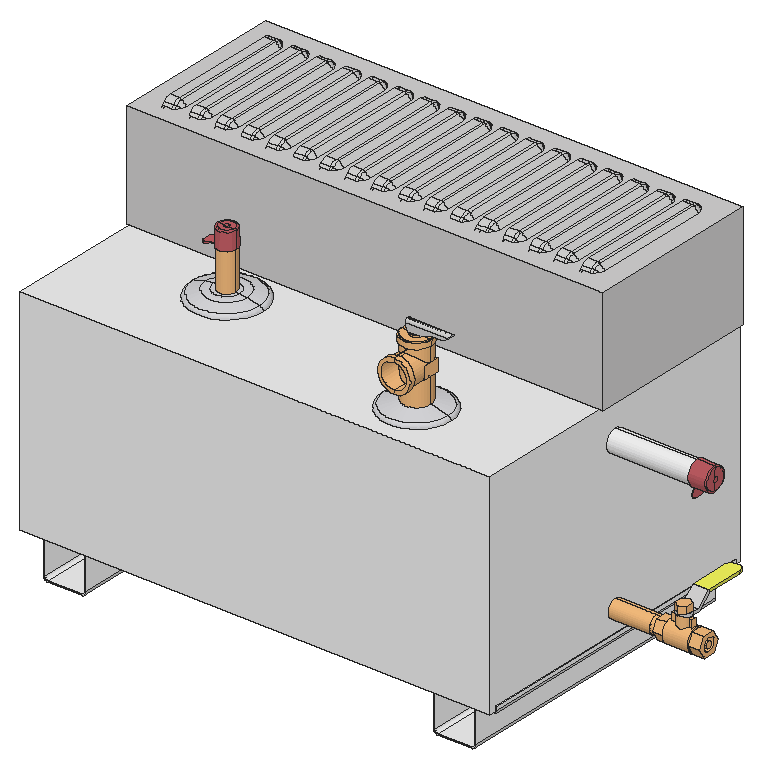
Revit family "Shower-Steam_Generator-KOHLER-Invigoration_Series-K-32334", category Plumbing Fixtures, host Face, Revit 2021
Family settings
  Host = Face
  Round Connector Dimension = Use Diameter
  Part Type = Normal
  OmniClass Number = 23.21.29.19.19
  OmniClass Title = Steam Room Equipment
  Cut with Voids When Loaded = No
  Shared = No
  Room Calculation Point = No
Parameters (values of type "NA-Stainless")
  Width = 21.85685"  # constant formula
  WaterSense Certified = 1 = 0  # no
  Waste Water Outlet = "Waste Water Outlet"  # constant formula
  Waste Connection = 1 = 1  # yes
  Voltage = 0 V
  Vent Connection = 1 = 1  # yes
  URL = "https://www.us.kohler.com/us/"
  Type = 1
  Steam Outlet = "Steam Outlet"  # constant formula
  Steam Connection = 1 = 1  # yes
  Product Page URL = "http://www.us.kohler.com/us/catalog/productDetails.jsp?productNumber=32334"
  Product Name = "Invigoration Series"  # constant formula
  Product Documentation Link = "https://www.us.kohler.com/webassets/kpna/catalog/pdf/en/K-32334_spec_US-CA_Kohler_en.pdf"
  Pressure Relief = "Pressure Relief"  # constant formula
  Pressure = 0.00 psi
  Model = "K-32334-NA"  # constant formula
  Material = "Premium Metal Construction"  # constant formula
  Master Format 2014 Name = "Residential Faucets, Supplies, and Trim"  # constant formula
  Master Format 2014 = "22 41 39"  # constant formula
  Manufacturer Address = "444 Highland Dr, Kohler, WI 53044"  # constant formula
  Manufacturer = "Kohler Co."  # constant formula
  Length = 11.73622"  # constant formula
  Hot Water Inlet = "Hot Water Inlet"  # constant formula
  Height = 13.73508"  # constant formula
  Handle Clearance 2 = 1.34409"  # constant formula
  Handle Clearance 1 = 2.54787"  # constant formula
  HW Connection = 1 = 1  # yes
  Flow Rate = 0 GPM
  Finish = Kohler-Metal-NA-Anodized_Aluminum
  Environmental Product Declaration = ""
  Electrical Note = "One Dedicated Circuit Required"  # constant formula
  Electrical Connector = 1 = 1  # yes
  Drain Included = 1 = 1  # yes
  Description = "26 KW Steam Generator"  # constant formula
  Default Elevation = 0"
  Declare Label = ""
  Date Modified = "04/30/2024"  # constant formula
  Date Created = "04/30/2024"  # constant formula
  Copyright = "Copyright Kohler Co."  # constant formula
  Contact Us = "https://www.us.kohler.com/us/static/contact.jsp"
  Cold Water Inlet = "Cold Water Inlet"  # constant formula
  CW Connection = 1 = 1  # yes
  Assembly Code = "D2010"
  Apparent Load = 26000 VA  # constant formula
  ADA Compliant = 1 = 0  # no
Reference planes (in)
  plane 1 "Center (Front/Back)": y = 0
  plane 2: z = 0
  plane 3 "Center (Left/Right)": x = 0
  plane 4: y = 5.86811
  plane 5: x = -9.04331
  plane 6: x = -9.22301
  plane 7: x = 12.63384
  plane 8: y = -3.99879
  plane 9: y = -2.30118
  plane 10: z = 13.73508
  plane 11: z = 1.53543
  plane 12: z = 2.55906
  plane 13: z = 8.22441
  plane 14: z = 11.10236
  plane 15: x = 4.59843
  plane 16: y = -0.70669
  plane 17: y = -5.86811
  plane 18: x = -4.07087
  plane 19: x = 8.9685
  plane 20: x = -8.9685
  plane 21: z = 9.56693
  plane 22: z = 11.98538
  plane 23: x = 8.86614
  plane 24: z = 13.53937
  plane 25: y = 5.62992
  plane 26: y = -5.63976
  plane 27: y = 2.53801
  plane 28: x = 5.94252
  plane 29: y = -0.00986
  plane 30: x = -3.91208
  plane 31: y = -5.06881
  plane 32: x = 12.39272
  plane 33: z = 6.91806
  plane 34: y = 1.4764
Dimensions and locks (in)
  plane 4 to plane 1 "Center (Front/Back)" = 5.86811"
  "Length": plane 4 to plane 17
  plane 9 to plane 17 = 3.56693"
  nested 1 to plane 18 = 4.89764"
  plane 15 to plane 19 = 4.37008"
  plane 8 to plane 17 = 1.86932"
  plane 20 to plane 19 = 17.93701"
  nested 1 to nested 1 = 2.41845"
  nested 1 to plane 7 = 3.7677"
  plane 13 to host face = 8.22441"
  plane 11 to host face = 1.53543"
  nested 1 to host face = 13.53937"
  plane 21 to plane 14 = 1.53543"
  plane 4 to plane 16 = 6.5748"
  host face to plane 24 = 13.53937"
  host face to plane 12 = 2.55906"
  plane 21 to host face = 9.56693"
  "Handle Clearance 1": plane 27 to plane 29
  "Handle Clearance 2": plane 15 to plane 28
  "Width": plane 6 to plane 7
  "Height": plane 10 to level
  aligned and locked: plane 2 to host face
  aligned and locked: level to host face
Automatic sketch dimensions
  host sketch curve to host sketch curve = 96"  (x2)
Nested families (in)
  nested 1: "K-32334" at (0, 0, 0), type "K-32334"
Connectors (in)
  piping at (12.63386, 0, 8.22441), diameter 0.5, driven by "Steam Connection", driven by "Steam Outlet"
    settings: on nested 1, index 1, connector inside diameter 24", connector length 0", flow factor 0, pipe flow 0 GPM, pressure drop 0.00 psi, fitting loss kfactor 0, connector angle 0.00°, fixture units 0, engagement length 0", angle of deflection 0.00°, flow configuration 0, flow direction 2, fitting loss method 0, system type 22, joint type 0, gender type 0, connector reference index -1, connector utility 1, adjustable connector no, is connector primary yes, connector description "Steam Outlet"
  piping at (-3.91208, -2.30118, 11.98538), diameter 0.375, driven by "CW Connection", driven by "Cold Water Inlet"
    settings: on nested 1, index 2, connector inside diameter 24", connector length 0", flow factor 0, pipe flow 0 GPM, pressure drop 0.00 psi, fitting loss kfactor 0, connector angle 0.00°, fixture units 0, engagement length 0", angle of deflection 0.00°, flow configuration 0, flow direction 1, fitting loss method 0, system type 22, joint type 0, gender type 0, connector reference index -1, connector utility 1, adjustable connector no, is connector primary no, connector description "Cold Water Inlet"
  piping at (4.59843, -5.06871, 11.10236), diameter 0.375, driven by "Vent Connection", driven by "Pressure Relief"
    settings: on nested 1, index 3, connector inside diameter 24", connector length 0", flow factor 0, pipe flow 0 GPM, pressure drop 0.00 psi, fitting loss kfactor 0, connector angle 0.00°, fixture units 0, engagement length 0", angle of deflection 0.00°, flow configuration 0, flow direction 2, fitting loss method 0, system type 17, joint type 0, gender type 0, connector reference index -1, connector utility 1, adjustable connector no, is connector primary no, connector description "Pressure Relief"
  electrical at (-8.84787, 1.4764, 6.91806), driven by "Apparent Load", driven by "Electrical Connector", driven by "Electrical Note"
    settings: on nested 1, index 5, voltage 0 V, apparent load 26000 VA, apparent load phase1 0 VA, apparent load phase2 0 VA, apparent load phase3 0 VA, power factor 1, load classification "Power", number of poles 1, system type 30, power factor state 1, is connector primary yes, connector utility yes, sub classification motor no, connector description "One Dedicated Circuit Required"
  piping at (12.39272, -0.00984, 2.55906), diameter 0.375, driven by "Waste Connection", driven by "Waste Water Outlet"
    settings: on nested 1, index 6, connector inside diameter 24", connector length 0", flow factor 0, pipe flow 0 GPM, pressure drop 0.00 psi, fitting loss kfactor 0, connector angle 0.00°, fixture units 0, engagement length 0", angle of deflection 0.00°, flow configuration 0, flow direction 2, fitting loss method 0, system type 16, joint type 0, gender type 0, connector reference index -1, connector utility 1, adjustable connector no, is connector primary no, connector description "Waste Water Outlet"
Definition of nested family "K-32334"
  Parameters
    Material = none
    Default Elevation = 0"
  Reference planes (in)
    plane 1 "Center (Front/Back)": y = 0
    plane 2: z = 0
    plane 3 "Center (Left/Right)": x = 0
    plane 4: x = 8.9685
    plane 5: x = -8.9685
    plane 6: x = 12.63386
    plane 7: x = 8.86614
    plane 8: z = 13.53937
    plane 9: z = 1.53543
    plane 10: z = 8.22441
    plane 11: x = 12.39272
    plane 12: z = 9.56693
    plane 13: z = 2.55906
    plane 14: z = 11.10236
    plane 15: y = 5.86811
    plane 16: y = -5.86811
    plane 17: y = -0.00984
    plane 18: x = -4.07087
    plane 19 "FF": x = 4.59843
    plane 20 "revv": y = -2.30118
    plane 21: y = -0.70669
    plane 22 "ff": y = -3.99879
    plane 23: z = 6.91806
    plane 24: y = 1.4764
    plane 25: y = 0.82679
    plane 26: y = 0.13782
    plane 27 "scrr": y = 5.67129
    plane 28: x = -9.04331
    plane 29: x = -9.22301
    plane 30: z = 13.73509
    plane 31: x = -3.91208
    plane 32: z = 11.98538
    plane 33: y = -5.63976
    plane 34: y = 5.62992
    plane 35: y = 2.53801
    plane 36: x = 5.9425
  Forms (in)
    Extrusion 1, solid, material <- "Material"
      sketch origin (0, 0, 0) x (1, 0, 0) y (0, 0, 1)
        loop
          line (-8.12992, 1.37672) -> (-8.12992, 0.15625)
          arc (-8.12992, 0.15625) -> (-8.0838, 0.04489) -> (-7.97244, -0.00123) r 0.15748
          line (-7.97244, -0.00123) -> (-6.70472, -0.00123)
          arc (-6.70472, -0.00123) -> (-6.59337, 0.04489) -> (-6.54724, 0.15625) r 0.15748
          line (-6.54724, 0.15625) -> (-6.54724, 1.37672)
          arc (-6.54724, 1.37672) -> (-6.51265, 1.46024) -> (-6.42913, 1.49483) r 0.11811
          line (-6.42913, 1.49483) -> (-6.0748, 1.49483) -> (-6.0748, 1.5342) -> (-6.42913, 1.5342)
          arc (-6.42913, 1.5342) -> (-6.54049, 1.48808) -> (-6.58661, 1.37672) r 0.15748
          line (-6.58661, 1.37672) -> (-6.58661, 0.15625)
          arc (-6.58661, 0.15625) -> (-6.62121, 0.07273) -> (-6.70472, 0.03814) r 0.11811
          line (-6.70472, 0.03814) -> (-7.97244, 0.03814)
          arc (-7.97244, 0.03814) -> (-8.05596, 0.07273) -> (-8.09055, 0.15625) r 0.11811
          line (-8.09055, 0.15625) -> (-8.09055, 1.37672)
          arc (-8.09055, 1.37672) -> (-8.13668, 1.48808) -> (-8.24803, 1.5342) r 0.15748
          line (-8.24803, 1.5342) -> (-8.84252, 1.5342)
          arc (-8.84252, 1.5342) -> (-8.87036, 1.54573) -> (-8.88189, 1.57357) r 0.03937
          line (-8.88189, 1.57357) -> (-8.88189, 1.73105) -> (-8.92126, 1.73105) -> (-8.92126, 1.57357)
          arc (-8.92126, 1.57357) -> (-8.8982, 1.5179) -> (-8.84252, 1.49483) r 0.07874
          line (-8.84252, 1.49483) -> (-8.24803, 1.49483)
          arc (-8.24803, 1.49483) -> (-8.16451, 1.46024) -> (-8.12992, 1.37672) r 0.11811
        loop
          line (6.58661, 0.15625) -> (6.58661, 1.37672)
          arc (6.58661, 1.37672) -> (6.54049, 1.48808) -> (6.42913, 1.5342) r 0.15748
          line (6.42913, 1.5342) -> (6.0748, 1.5342) -> (6.0748, 1.49483) -> (6.42913, 1.49483)
          arc (6.42913, 1.49483) -> (6.51265, 1.46024) -> (6.54724, 1.37672) r 0.11811
          line (6.54724, 1.37672) -> (6.54724, 0.15625)
          arc (6.54724, 0.15625) -> (6.59337, 0.04489) -> (6.70472, -0.00123) r 0.15748
          line (6.70472, -0.00123) -> (7.97244, -0.00123)
          arc (7.97244, -0.00123) -> (8.0838, 0.04489) -> (8.12992, 0.15625) r 0.15748
          line (8.12992, 0.15625) -> (8.12992, 1.37672)
          arc (8.12992, 1.37672) -> (8.16451, 1.46024) -> (8.24803, 1.49483) r 0.11811
          line (8.24803, 1.49483) -> (8.84252, 1.49483)
          arc (8.84252, 1.49483) -> (8.8982, 1.5179) -> (8.92126, 1.57357) r 0.07874
          line (8.92126, 1.57357) -> (8.92126, 1.73105) -> (8.88189, 1.73105) -> (8.88189, 1.57357)
          arc (8.88189, 1.57357) -> (8.87036, 1.54573) -> (8.84252, 1.5342) r 0.03937
          line (8.84252, 1.5342) -> (8.24803, 1.5342)
          arc (8.24803, 1.5342) -> (8.13668, 1.48808) -> (8.09055, 1.37672) r 0.15748
          line (8.09055, 1.37672) -> (8.09055, 0.15625)
          arc (8.09055, 0.15625) -> (8.05596, 0.07273) -> (7.97244, 0.03814) r 0.11811
          line (7.97244, 0.03814) -> (6.70472, 0.03814)
          arc (6.70472, 0.03814) -> (6.62121, 0.07273) -> (6.58661, 0.15625) r 0.11811
      from -5.6201 to 5.63974
    Extrusion 2, solid, material <- "Material", detail levels medium+fine
      sketch origin (0, 0, 0) x (1, 0, 0) y (0, 1, 0)
        loop
          line (-8.84787, -5.86811) -> (8.84399, -5.86811) -> (8.84399, 5.86811) -> (-8.84787, 5.86811) -> (-8.84787, -5.86811)
      from 1.5342 to 9.5657
    Extrusion 3, solid, detail levels medium+fine
      sketch origin (0, 0, 0) x (1, 0, 0) y (0, 1, 0)
        loop
          line (8.9685, -0.70667) -> (8.9685, 5.86813) -> (-8.9685, 5.86813) -> (-8.9685, -0.70667) -> (8.9685, -0.70667)
      from 9.5657 to 13.53814
    Sweep 4, solid, detail levels medium+fine
      path origin (0, 0, 0) x (0, 1, 0) y (0, 0, 1)
        loop
          line (5.18847, 13.50127) -> (5.07006, 13.61968)
          arc (5.07006, 13.61968) -> (4.94233, 13.70502) -> (4.79167, 13.73499) r 0.3937
          line (4.79167, 13.73499) -> (0.36979, 13.73499)
          arc (0.36979, 13.73499) -> (0.21913, 13.70502) -> (0.0914, 13.61968) r 0.3937
          line (0.0914, 13.61968) -> (-0.04723, 13.48104)
      profile origin (0, 2.58073, 13.73499) x (0, 0, -1) y (1, 0, 0)
        loop
          line (0, 0.04163) -> (0, -0.30315) -> (0.03459, -0.30315) -> (0.03459, 0.0068)
          arc (0.03459, 0.0068) -> (0.04477, 0.05794) -> (0.07373, 0.10129) r 0.13363
          line (0.07373, 0.10129) -> (0.21223, 0.23979) -> (0.21223, 0.30278) -> (0.03459, 0.12514)
          arc (0.03459, 0.12514) -> (0.00899, 0.08683) -> (0, 0.04163) r 0.11811
    Sweep 5, solid, detail levels medium+fine
      path origin (0.98425, 0, 0) x (0, 1, 0) y (0, 0, 1)
        loop
          line (5.18847, 13.50127) -> (5.07006, 13.61968)
          arc (5.07006, 13.61968) -> (4.94233, 13.70502) -> (4.79167, 13.73499) r 0.3937
          line (4.79167, 13.73499) -> (0.36979, 13.73499)
          arc (0.36979, 13.73499) -> (0.21913, 13.70502) -> (0.0914, 13.61968) r 0.3937
          line (0.0914, 13.61968) -> (-0.04723, 13.48104)
      profile origin (0.98425, 2.58073, 13.73499) x (0, 0, -1) y (1, 0, 0)
        loop
          line (0, 0.04163) -> (0, -0.30315) -> (0.03459, -0.30315) -> (0.03459, 0.0068)
          arc (0.03459, 0.0068) -> (0.04477, 0.05794) -> (0.07373, 0.10129) r 0.13363
          line (0.07373, 0.10129) -> (0.21223, 0.23979) -> (0.21223, 0.30278) -> (0.03459, 0.12514)
          arc (0.03459, 0.12514) -> (0.00899, 0.08683) -> (0, 0.04163) r 0.11811
    Sweep 6, solid, detail levels medium+fine
      path origin (1.9685, 0, 0) x (0, 1, 0) y (0, 0, 1)
        loop
          line (5.18847, 13.50127) -> (5.07006, 13.61968)
          arc (5.07006, 13.61968) -> (4.94233, 13.70502) -> (4.79167, 13.73499) r 0.3937
          line (4.79167, 13.73499) -> (0.36979, 13.73499)
          arc (0.36979, 13.73499) -> (0.21913, 13.70502) -> (0.0914, 13.61968) r 0.3937
          line (0.0914, 13.61968) -> (-0.04723, 13.48104)
      profile origin (1.9685, 2.58073, 13.73499) x (0, 0, -1) y (1, 0, 0)
        loop
          line (0, 0.04163) -> (0, -0.30315) -> (0.03459, -0.30315) -> (0.03459, 0.0068)
          arc (0.03459, 0.0068) -> (0.04477, 0.05794) -> (0.07373, 0.10129) r 0.13363
          line (0.07373, 0.10129) -> (0.21223, 0.23979) -> (0.21223, 0.30278) -> (0.03459, 0.12514)
          arc (0.03459, 0.12514) -> (0.00899, 0.08683) -> (0, 0.04163) r 0.11811
    Sweep 7, solid, detail levels medium+fine
      path origin (2.95276, 0, 0) x (0, 1, 0) y (0, 0, 1)
        loop
          line (5.18847, 13.50127) -> (5.07006, 13.61968)
          arc (5.07006, 13.61968) -> (4.94233, 13.70502) -> (4.79167, 13.73499) r 0.3937
          line (4.79167, 13.73499) -> (0.36979, 13.73499)
          arc (0.36979, 13.73499) -> (0.21913, 13.70502) -> (0.0914, 13.61968) r 0.3937
          line (0.0914, 13.61968) -> (-0.04723, 13.48104)
      profile origin (2.95276, 2.58073, 13.73499) x (0, 0, -1) y (1, 0, 0)
        loop
          line (0, 0.04163) -> (0, -0.30315) -> (0.03459, -0.30315) -> (0.03459, 0.0068)
          arc (0.03459, 0.0068) -> (0.04477, 0.05794) -> (0.07373, 0.10129) r 0.13363
          line (0.07373, 0.10129) -> (0.21223, 0.23979) -> (0.21223, 0.30278) -> (0.03459, 0.12514)
          arc (0.03459, 0.12514) -> (0.00899, 0.08683) -> (0, 0.04163) r 0.11811
    Sweep 8, solid, detail levels medium+fine
      path origin (3.93701, 0, 0) x (0, 1, 0) y (0, 0, 1)
        loop
          line (5.18847, 13.50127) -> (5.07006, 13.61968)
          arc (5.07006, 13.61968) -> (4.94233, 13.70502) -> (4.79167, 13.73499) r 0.3937
          line (4.79167, 13.73499) -> (0.36979, 13.73499)
          arc (0.36979, 13.73499) -> (0.21913, 13.70502) -> (0.0914, 13.61968) r 0.3937
          line (0.0914, 13.61968) -> (-0.04723, 13.48104)
      profile origin (3.93701, 2.58073, 13.73499) x (0, 0, -1) y (1, 0, 0)
        loop
          line (0, 0.04163) -> (0, -0.30315) -> (0.03459, -0.30315) -> (0.03459, 0.0068)
          arc (0.03459, 0.0068) -> (0.04477, 0.05794) -> (0.07373, 0.10129) r 0.13363
          line (0.07373, 0.10129) -> (0.21223, 0.23979) -> (0.21223, 0.30278) -> (0.03459, 0.12514)
          arc (0.03459, 0.12514) -> (0.00899, 0.08683) -> (0, 0.04163) r 0.11811
    Sweep 9, solid, detail levels medium+fine
      path origin (4.92126, 0, 0) x (0, 1, 0) y (0, 0, 1)
        loop
          line (5.18847, 13.50127) -> (5.07006, 13.61968)
          arc (5.07006, 13.61968) -> (4.94233, 13.70502) -> (4.79167, 13.73499) r 0.3937
          line (4.79167, 13.73499) -> (0.36979, 13.73499)
          arc (0.36979, 13.73499) -> (0.21913, 13.70502) -> (0.0914, 13.61968) r 0.3937
          line (0.0914, 13.61968) -> (-0.04723, 13.48104)
      profile origin (4.92126, 2.58073, 13.73499) x (0, 0, -1) y (1, 0, 0)
        loop
          line (0, 0.04163) -> (0, -0.30315) -> (0.03459, -0.30315) -> (0.03459, 0.0068)
          arc (0.03459, 0.0068) -> (0.04477, 0.05794) -> (0.07373, 0.10129) r 0.13363
          line (0.07373, 0.10129) -> (0.21223, 0.23979) -> (0.21223, 0.30278) -> (0.03459, 0.12514)
          arc (0.03459, 0.12514) -> (0.00899, 0.08683) -> (0, 0.04163) r 0.11811
    Sweep 10, solid, detail levels medium+fine
      path origin (5.90551, 0, 0) x (0, 1, 0) y (0, 0, 1)
        loop
          line (5.18847, 13.50127) -> (5.07006, 13.61968)
          arc (5.07006, 13.61968) -> (4.94233, 13.70502) -> (4.79167, 13.73499) r 0.3937
          line (4.79167, 13.73499) -> (0.36979, 13.73499)
          arc (0.36979, 13.73499) -> (0.21913, 13.70502) -> (0.0914, 13.61968) r 0.3937
          line (0.0914, 13.61968) -> (-0.04723, 13.48104)
      profile origin (5.90551, 2.58073, 13.73499) x (0, 0, -1) y (1, 0, 0)
        loop
          line (0, 0.04163) -> (0, -0.30315) -> (0.03459, -0.30315) -> (0.03459, 0.0068)
          arc (0.03459, 0.0068) -> (0.04477, 0.05794) -> (0.07373, 0.10129) r 0.13363
          line (0.07373, 0.10129) -> (0.21223, 0.23979) -> (0.21223, 0.30278) -> (0.03459, 0.12514)
          arc (0.03459, 0.12514) -> (0.00899, 0.08683) -> (0, 0.04163) r 0.11811
    Sweep 11, solid, detail levels medium+fine
      path origin (6.88976, 0, 0) x (0, 1, 0) y (0, 0, 1)
        loop
          line (5.18847, 13.50127) -> (5.07006, 13.61968)
          arc (5.07006, 13.61968) -> (4.94233, 13.70502) -> (4.79167, 13.73499) r 0.3937
          line (4.79167, 13.73499) -> (0.36979, 13.73499)
          arc (0.36979, 13.73499) -> (0.21913, 13.70502) -> (0.0914, 13.61968) r 0.3937
          line (0.0914, 13.61968) -> (-0.04723, 13.48104)
      profile origin (6.88976, 2.58073, 13.73499) x (0, 0, -1) y (1, 0, 0)
        loop
          line (0, 0.04163) -> (0, -0.30315) -> (0.03459, -0.30315) -> (0.03459, 0.0068)
          arc (0.03459, 0.0068) -> (0.04477, 0.05794) -> (0.07373, 0.10129) r 0.13363
          line (0.07373, 0.10129) -> (0.21223, 0.23979) -> (0.21223, 0.30278) -> (0.03459, 0.12514)
          arc (0.03459, 0.12514) -> (0.00899, 0.08683) -> (0, 0.04163) r 0.11811
    Sweep 12, solid, detail levels medium+fine
      path origin (7.87402, 0, 0) x (0, 1, 0) y (0, 0, 1)
        loop
          line (5.18847, 13.50127) -> (5.07006, 13.61968)
          arc (5.07006, 13.61968) -> (4.94233, 13.70502) -> (4.79167, 13.73499) r 0.3937
          line (4.79167, 13.73499) -> (0.36979, 13.73499)
          arc (0.36979, 13.73499) -> (0.21913, 13.70502) -> (0.0914, 13.61968) r 0.3937
          line (0.0914, 13.61968) -> (-0.04723, 13.48104)
      profile origin (7.87402, 2.58073, 13.73499) x (0, 0, -1) y (1, 0, 0)
        loop
          line (0, 0.04163) -> (0, -0.30315) -> (0.03459, -0.30315) -> (0.03459, 0.0068)
          arc (0.03459, 0.0068) -> (0.04477, 0.05794) -> (0.07373, 0.10129) r 0.13363
          line (0.07373, 0.10129) -> (0.21223, 0.23979) -> (0.21223, 0.30278) -> (0.03459, 0.12514)
          arc (0.03459, 0.12514) -> (0.00899, 0.08683) -> (0, 0.04163) r 0.11811
    Sweep 13, solid, detail levels medium+fine
      path origin (-0.98425, 0, 0) x (0, 1, 0) y (0, 0, 1)
        loop
          line (5.18847, 13.50127) -> (5.07006, 13.61968)
          arc (5.07006, 13.61968) -> (4.94233, 13.70502) -> (4.79167, 13.73499) r 0.3937
          line (4.79167, 13.73499) -> (0.36979, 13.73499)
          arc (0.36979, 13.73499) -> (0.21913, 13.70502) -> (0.0914, 13.61968) r 0.3937
          line (0.0914, 13.61968) -> (-0.04723, 13.48104)
      profile origin (-0.98425, 2.58073, 13.73499) x (0, 0, -1) y (1, 0, 0)
        loop
          line (0, 0.04163) -> (0, -0.30315) -> (0.03459, -0.30315) -> (0.03459, 0.0068)
          arc (0.03459, 0.0068) -> (0.04477, 0.05794) -> (0.07373, 0.10129) r 0.13363
          line (0.07373, 0.10129) -> (0.21223, 0.23979) -> (0.21223, 0.30278) -> (0.03459, 0.12514)
          arc (0.03459, 0.12514) -> (0.00899, 0.08683) -> (0, 0.04163) r 0.11811
    Sweep 14, solid, detail levels medium+fine
      path origin (-1.9685, 0, 0) x (0, 1, 0) y (0, 0, 1)
        loop
          line (5.18847, 13.50127) -> (5.07006, 13.61968)
          arc (5.07006, 13.61968) -> (4.94233, 13.70502) -> (4.79167, 13.73499) r 0.3937
          line (4.79167, 13.73499) -> (0.36979, 13.73499)
          arc (0.36979, 13.73499) -> (0.21913, 13.70502) -> (0.0914, 13.61968) r 0.3937
          line (0.0914, 13.61968) -> (-0.04723, 13.48104)
      profile origin (-1.9685, 2.58073, 13.73499) x (0, 0, -1) y (1, 0, 0)
        loop
          line (0, 0.04163) -> (0, -0.30315) -> (0.03459, -0.30315) -> (0.03459, 0.0068)
          arc (0.03459, 0.0068) -> (0.04477, 0.05794) -> (0.07373, 0.10129) r 0.13363
          line (0.07373, 0.10129) -> (0.21223, 0.23979) -> (0.21223, 0.30278) -> (0.03459, 0.12514)
          arc (0.03459, 0.12514) -> (0.00899, 0.08683) -> (0, 0.04163) r 0.11811
    Sweep 15, solid, detail levels medium+fine
      path origin (-2.95276, 0, 0) x (0, 1, 0) y (0, 0, 1)
        loop
          line (5.18847, 13.50127) -> (5.07006, 13.61968)
          arc (5.07006, 13.61968) -> (4.94233, 13.70502) -> (4.79167, 13.73499) r 0.3937
          line (4.79167, 13.73499) -> (0.36979, 13.73499)
          arc (0.36979, 13.73499) -> (0.21913, 13.70502) -> (0.0914, 13.61968) r 0.3937
          line (0.0914, 13.61968) -> (-0.04723, 13.48104)
      profile origin (-2.95276, 2.58073, 13.73499) x (0, 0, -1) y (1, 0, 0)
        loop
          line (0, 0.04163) -> (0, -0.30315) -> (0.03459, -0.30315) -> (0.03459, 0.0068)
          arc (0.03459, 0.0068) -> (0.04477, 0.05794) -> (0.07373, 0.10129) r 0.13363
          line (0.07373, 0.10129) -> (0.21223, 0.23979) -> (0.21223, 0.30278) -> (0.03459, 0.12514)
          arc (0.03459, 0.12514) -> (0.00899, 0.08683) -> (0, 0.04163) r 0.11811
    Sweep 16, solid, detail levels medium+fine
      path origin (-3.93701, 0, 0) x (0, 1, 0) y (0, 0, 1)
        loop
          line (5.18847, 13.50127) -> (5.07006, 13.61968)
          arc (5.07006, 13.61968) -> (4.94233, 13.70502) -> (4.79167, 13.73499) r 0.3937
          line (4.79167, 13.73499) -> (0.36979, 13.73499)
          arc (0.36979, 13.73499) -> (0.21913, 13.70502) -> (0.0914, 13.61968) r 0.3937
          line (0.0914, 13.61968) -> (-0.04723, 13.48104)
      profile origin (-3.93701, 2.58073, 13.73499) x (0, 0, -1) y (1, 0, 0)
        loop
          line (0, 0.04163) -> (0, -0.30315) -> (0.03459, -0.30315) -> (0.03459, 0.0068)
          arc (0.03459, 0.0068) -> (0.04477, 0.05794) -> (0.07373, 0.10129) r 0.13363
          line (0.07373, 0.10129) -> (0.21223, 0.23979) -> (0.21223, 0.30278) -> (0.03459, 0.12514)
          arc (0.03459, 0.12514) -> (0.00899, 0.08683) -> (0, 0.04163) r 0.11811
    Sweep 17, solid, detail levels medium+fine
      path origin (-4.92126, 0, 0) x (0, 1, 0) y (0, 0, 1)
        loop
          line (5.18847, 13.50127) -> (5.07006, 13.61968)
          arc (5.07006, 13.61968) -> (4.94233, 13.70502) -> (4.79167, 13.73499) r 0.3937
          line (4.79167, 13.73499) -> (0.36979, 13.73499)
          arc (0.36979, 13.73499) -> (0.21913, 13.70502) -> (0.0914, 13.61968) r 0.3937
          line (0.0914, 13.61968) -> (-0.04723, 13.48104)
      profile origin (-4.92126, 2.58073, 13.73499) x (0, 0, -1) y (1, 0, 0)
        loop
          line (0, 0.04163) -> (0, -0.30315) -> (0.03459, -0.30315) -> (0.03459, 0.0068)
          arc (0.03459, 0.0068) -> (0.04477, 0.05794) -> (0.07373, 0.10129) r 0.13363
          line (0.07373, 0.10129) -> (0.21223, 0.23979) -> (0.21223, 0.30278) -> (0.03459, 0.12514)
          arc (0.03459, 0.12514) -> (0.00899, 0.08683) -> (0, 0.04163) r 0.11811
    Sweep 18, solid, detail levels medium+fine
      path origin (-5.90551, 0, 0) x (0, 1, 0) y (0, 0, 1)
        loop
          line (5.18847, 13.50127) -> (5.07006, 13.61968)
          arc (5.07006, 13.61968) -> (4.94233, 13.70502) -> (4.79167, 13.73499) r 0.3937
          line (4.79167, 13.73499) -> (0.36979, 13.73499)
          arc (0.36979, 13.73499) -> (0.21913, 13.70502) -> (0.0914, 13.61968) r 0.3937
          line (0.0914, 13.61968) -> (-0.04723, 13.48104)
      profile origin (-5.90551, 2.58073, 13.73499) x (0, 0, -1) y (1, 0, 0)
        loop
          line (0, 0.04163) -> (0, -0.30315) -> (0.03459, -0.30315) -> (0.03459, 0.0068)
          arc (0.03459, 0.0068) -> (0.04477, 0.05794) -> (0.07373, 0.10129) r 0.13363
          line (0.07373, 0.10129) -> (0.21223, 0.23979) -> (0.21223, 0.30278) -> (0.03459, 0.12514)
          arc (0.03459, 0.12514) -> (0.00899, 0.08683) -> (0, 0.04163) r 0.11811
    Sweep 19, solid, detail levels medium+fine
      path origin (-6.88976, 0, 0) x (0, 1, 0) y (0, 0, 1)
        loop
          line (5.18847, 13.50127) -> (5.07006, 13.61968)
          arc (5.07006, 13.61968) -> (4.94233, 13.70502) -> (4.79167, 13.73499) r 0.3937
          line (4.79167, 13.73499) -> (0.36979, 13.73499)
          arc (0.36979, 13.73499) -> (0.21913, 13.70502) -> (0.0914, 13.61968) r 0.3937
          line (0.0914, 13.61968) -> (-0.04723, 13.48104)
      profile origin (-6.88976, 2.58073, 13.73499) x (0, 0, -1) y (1, 0, 0)
        loop
          line (0, 0.04163) -> (0, -0.30315) -> (0.03459, -0.30315) -> (0.03459, 0.0068)
          arc (0.03459, 0.0068) -> (0.04477, 0.05794) -> (0.07373, 0.10129) r 0.13363
          line (0.07373, 0.10129) -> (0.21223, 0.23979) -> (0.21223, 0.30278) -> (0.03459, 0.12514)
          arc (0.03459, 0.12514) -> (0.00899, 0.08683) -> (0, 0.04163) r 0.11811
    Sweep 20, solid, detail levels medium+fine
      path origin (-7.87402, 0, 0) x (0, 1, 0) y (0, 0, 1)
        loop
          line (5.18847, 13.50127) -> (5.07006, 13.61968)
          arc (5.07006, 13.61968) -> (4.94233, 13.70502) -> (4.79167, 13.73499) r 0.3937
          line (4.79167, 13.73499) -> (0.36979, 13.73499)
          arc (0.36979, 13.73499) -> (0.21913, 13.70502) -> (0.0914, 13.61968) r 0.3937
          line (0.0914, 13.61968) -> (-0.04723, 13.48104)
      profile origin (-7.87402, 2.58073, 13.73499) x (0, 0, -1) y (1, 0, 0)
        loop
          line (0, 0.04163) -> (0, -0.30315) -> (0.03459, -0.30315) -> (0.03459, 0.0068)
          arc (0.03459, 0.0068) -> (0.04477, 0.05794) -> (0.07373, 0.10129) r 0.13363
          line (0.07373, 0.10129) -> (0.21223, 0.23979) -> (0.21223, 0.30278) -> (0.03459, 0.12514)
          arc (0.03459, 0.12514) -> (0.00899, 0.08683) -> (0, 0.04163) r 0.11811
    Sweep 21, solid, material <- "Material", detail levels medium+fine
      path origin (0, 0, 0) x (1, 0, 0) y (0, 1, 0)
        loop
          line (-8.84799, 5.23306) -> (-8.94543, 5.13562)
          arc (-8.94543, 5.13562) -> (-9.01797, 5.02705) -> (-9.04344, 4.89899) r 0.33465
          line (-9.04344, 4.89899) -> (-9.04344, 3.17511)
          arc (-9.04344, 3.17511) -> (-9.01797, 3.04705) -> (-8.94543, 2.93848) r 0.33465
          line (-8.94543, 2.93848) -> (-8.84799, 2.84105)
      profile origin (-9.04344, 4.03705, 0) x (1, 0, 0) y (0, 0, 1)
        loop
          line (0.23864, 8.11393) -> (0.07253, 7.94782)
          arc (0.07253, 7.94782) -> (0.01885, 7.86748) -> (0, 7.77272) r 0.24764
          line (0, 7.77272) -> (0, 7.46624) -> (0.03182, 7.46624) -> (0.03182, 7.78171)
          arc (0.03182, 7.78171) -> (0.04457, 7.84578) -> (0.08086, 7.9001) r 0.16743
          line (0.08086, 7.9001) -> (0.23864, 8.05788) -> (0.23864, 8.11393)
    Sweep 22, solid, material <- "Material", detail levels medium+fine
      path origin (0, 0, -1.04577) x (1, 0, 0) y (0, 1, 0)
        loop
          line (-8.84799, 5.23306) -> (-8.94543, 5.13562)
          arc (-8.94543, 5.13562) -> (-9.01797, 5.02705) -> (-9.04344, 4.89899) r 0.33465
          line (-9.04344, 4.89899) -> (-9.04344, 3.17511)
          arc (-9.04344, 3.17511) -> (-9.01797, 3.04705) -> (-8.94543, 2.93848) r 0.33465
          line (-8.94543, 2.93848) -> (-8.84799, 2.84105)
      profile origin (-9.04344, 4.03705, -1.04577) x (1, 0, 0) y (0, 0, 1)
        loop
          line (0.23864, 8.11393) -> (0.07253, 7.94782)
          arc (0.07253, 7.94782) -> (0.01885, 7.86748) -> (0, 7.77272) r 0.24764
          line (0, 7.77272) -> (0, 7.46624) -> (0.03182, 7.46624) -> (0.03182, 7.78171)
          arc (0.03182, 7.78171) -> (0.04457, 7.84578) -> (0.08086, 7.9001) r 0.16743
          line (0.08086, 7.9001) -> (0.23864, 8.05788) -> (0.23864, 8.11393)
    Sweep 23, solid, material <- "Material", detail levels medium+fine
      path origin (0, 0, -2.08538) x (1, 0, 0) y (0, 1, 0)
        loop
          line (-8.84799, 5.23306) -> (-8.94543, 5.13562)
          arc (-8.94543, 5.13562) -> (-9.01797, 5.02705) -> (-9.04344, 4.89899) r 0.33465
          line (-9.04344, 4.89899) -> (-9.04344, 3.17511)
          arc (-9.04344, 3.17511) -> (-9.01797, 3.04705) -> (-8.94543, 2.93848) r 0.33465
          line (-8.94543, 2.93848) -> (-8.84799, 2.84105)
      profile origin (-9.04344, 4.03705, -2.08538) x (1, 0, 0) y (0, 0, 1)
        loop
          line (0.23864, 8.11393) -> (0.07253, 7.94782)
          arc (0.07253, 7.94782) -> (0.01885, 7.86748) -> (0, 7.77272) r 0.24764
          line (0, 7.77272) -> (0, 7.46624) -> (0.03182, 7.46624) -> (0.03182, 7.78171)
          arc (0.03182, 7.78171) -> (0.04457, 7.84578) -> (0.08086, 7.9001) r 0.16743
          line (0.08086, 7.9001) -> (0.23864, 8.05788) -> (0.23864, 8.11393)
    Sweep 24, solid, material <- "Material", detail levels medium+fine
      path origin (0, 0, -3.125) x (1, 0, 0) y (0, 1, 0)
        loop
          line (-8.84799, 5.23306) -> (-8.94543, 5.13562)
          arc (-8.94543, 5.13562) -> (-9.01797, 5.02705) -> (-9.04344, 4.89899) r 0.33465
          line (-9.04344, 4.89899) -> (-9.04344, 3.17511)
          arc (-9.04344, 3.17511) -> (-9.01797, 3.04705) -> (-8.94543, 2.93848) r 0.33465
          line (-8.94543, 2.93848) -> (-8.84799, 2.84105)
      profile origin (-9.04344, 4.03705, -3.125) x (1, 0, 0) y (0, 0, 1)
        loop
          line (0.23864, 8.11393) -> (0.07253, 7.94782)
          arc (0.07253, 7.94782) -> (0.01885, 7.86748) -> (0, 7.77272) r 0.24764
          line (0, 7.77272) -> (0, 7.46624) -> (0.03182, 7.46624) -> (0.03182, 7.78171)
          arc (0.03182, 7.78171) -> (0.04457, 7.84578) -> (0.08086, 7.9001) r 0.16743
          line (0.08086, 7.9001) -> (0.23864, 8.05788) -> (0.23864, 8.11393)
    Sweep 25, solid, material <- "Material", detail levels medium+fine
      path origin (0, 0, -4.18307) x (1, 0, 0) y (0, 1, 0)
        loop
          line (-8.84799, 5.23306) -> (-8.94543, 5.13562)
          arc (-8.94543, 5.13562) -> (-9.01797, 5.02705) -> (-9.04344, 4.89899) r 0.33465
          line (-9.04344, 4.89899) -> (-9.04344, 3.17511)
          arc (-9.04344, 3.17511) -> (-9.01797, 3.04705) -> (-8.94543, 2.93848) r 0.33465
          line (-8.94543, 2.93848) -> (-8.84799, 2.84105)
      profile origin (-9.04344, 4.03705, -4.18307) x (1, 0, 0) y (0, 0, 1)
        loop
          line (0.23864, 8.11393) -> (0.07253, 7.94782)
          arc (0.07253, 7.94782) -> (0.01885, 7.86748) -> (0, 7.77272) r 0.24764
          line (0, 7.77272) -> (0, 7.46624) -> (0.03182, 7.46624) -> (0.03182, 7.78171)
          arc (0.03182, 7.78171) -> (0.04457, 7.84578) -> (0.08086, 7.9001) r 0.16743
          line (0.08086, 7.9001) -> (0.23864, 8.05788) -> (0.23864, 8.11393)
    Sweep 26, solid, material <- "Material", detail levels medium+fine
      path origin (0, 0, -5.21654) x (1, 0, 0) y (0, 1, 0)
        loop
          line (-8.84799, 5.23306) -> (-8.94543, 5.13562)
          arc (-8.94543, 5.13562) -> (-9.01797, 5.02705) -> (-9.04344, 4.89899) r 0.33465
          line (-9.04344, 4.89899) -> (-9.04344, 3.17511)
          arc (-9.04344, 3.17511) -> (-9.01797, 3.04705) -> (-8.94543, 2.93848) r 0.33465
          line (-8.94543, 2.93848) -> (-8.84799, 2.84105)
      profile origin (-9.04344, 4.03705, -5.21654) x (1, 0, 0) y (0, 0, 1)
        loop
          line (0.23864, 8.11393) -> (0.07253, 7.94782)
          arc (0.07253, 7.94782) -> (0.01885, 7.86748) -> (0, 7.77272) r 0.24764
          line (0, 7.77272) -> (0, 7.46624) -> (0.03182, 7.46624) -> (0.03182, 7.78171)
          arc (0.03182, 7.78171) -> (0.04457, 7.84578) -> (0.08086, 7.9001) r 0.16743
          line (0.08086, 7.9001) -> (0.23864, 8.05788) -> (0.23864, 8.11393)
    Sweep 27, solid, material <- "Material", detail levels medium+fine
      path origin (0, -8.09547, 0) x (1, 0, 0) y (0, 1, 0)
        loop
          line (-8.84799, 5.23306) -> (-8.94543, 5.13562)
          arc (-8.94543, 5.13562) -> (-9.01797, 5.02705) -> (-9.04344, 4.89899) r 0.33465
          line (-9.04344, 4.89899) -> (-9.04344, 3.17511)
          arc (-9.04344, 3.17511) -> (-9.01797, 3.04705) -> (-8.94543, 2.93848) r 0.33465
          line (-8.94543, 2.93848) -> (-8.84799, 2.84105)
      profile origin (-9.04344, -4.05842, 0) x (1, 0, 0) y (0, 0, 1)
        loop
          line (0.23864, 8.11393) -> (0.07253, 7.94782)
          arc (0.07253, 7.94782) -> (0.01885, 7.86748) -> (0, 7.77272) r 0.24764
          line (0, 7.77272) -> (0, 7.46624) -> (0.03182, 7.46624) -> (0.03182, 7.78171)
          arc (0.03182, 7.78171) -> (0.04457, 7.84578) -> (0.08086, 7.9001) r 0.16743
          line (0.08086, 7.9001) -> (0.23864, 8.05788) -> (0.23864, 8.11393)
    Sweep 28, solid, material <- "Material", detail levels medium+fine
      path origin (0, -8.09547, -1.04577) x (1, 0, 0) y (0, 1, 0)
        loop
          line (-8.84799, 5.23306) -> (-8.94543, 5.13562)
          arc (-8.94543, 5.13562) -> (-9.01797, 5.02705) -> (-9.04344, 4.89899) r 0.33465
          line (-9.04344, 4.89899) -> (-9.04344, 3.17511)
          arc (-9.04344, 3.17511) -> (-9.01797, 3.04705) -> (-8.94543, 2.93848) r 0.33465
          line (-8.94543, 2.93848) -> (-8.84799, 2.84105)
      profile origin (-9.04344, -4.05842, -1.04577) x (1, 0, 0) y (0, 0, 1)
        loop
          line (0.23864, 8.11393) -> (0.07253, 7.94782)
          arc (0.07253, 7.94782) -> (0.01885, 7.86748) -> (0, 7.77272) r 0.24764
          line (0, 7.77272) -> (0, 7.46624) -> (0.03182, 7.46624) -> (0.03182, 7.78171)
          arc (0.03182, 7.78171) -> (0.04457, 7.84578) -> (0.08086, 7.9001) r 0.16743
          line (0.08086, 7.9001) -> (0.23864, 8.05788) -> (0.23864, 8.11393)
    Sweep 29, solid, material <- "Material", detail levels medium+fine
      path origin (0, -8.09547, -2.08538) x (1, 0, 0) y (0, 1, 0)
        loop
          line (-8.84799, 5.23306) -> (-8.94543, 5.13562)
          arc (-8.94543, 5.13562) -> (-9.01797, 5.02705) -> (-9.04344, 4.89899) r 0.33465
          line (-9.04344, 4.89899) -> (-9.04344, 3.17511)
          arc (-9.04344, 3.17511) -> (-9.01797, 3.04705) -> (-8.94543, 2.93848) r 0.33465
          line (-8.94543, 2.93848) -> (-8.84799, 2.84105)
      profile origin (-9.04344, -4.05842, -2.08538) x (1, 0, 0) y (0, 0, 1)
        loop
          line (0.23864, 8.11393) -> (0.07253, 7.94782)
          arc (0.07253, 7.94782) -> (0.01885, 7.86748) -> (0, 7.77272) r 0.24764
          line (0, 7.77272) -> (0, 7.46624) -> (0.03182, 7.46624) -> (0.03182, 7.78171)
          arc (0.03182, 7.78171) -> (0.04457, 7.84578) -> (0.08086, 7.9001) r 0.16743
          line (0.08086, 7.9001) -> (0.23864, 8.05788) -> (0.23864, 8.11393)
    Sweep 30, solid, material <- "Material", detail levels medium+fine
      path origin (0, -8.09547, -3.125) x (1, 0, 0) y (0, 1, 0)
        loop
          line (-8.84799, 5.23306) -> (-8.94543, 5.13562)
          arc (-8.94543, 5.13562) -> (-9.01797, 5.02705) -> (-9.04344, 4.89899) r 0.33465
          line (-9.04344, 4.89899) -> (-9.04344, 3.17511)
          arc (-9.04344, 3.17511) -> (-9.01797, 3.04705) -> (-8.94543, 2.93848) r 0.33465
          line (-8.94543, 2.93848) -> (-8.84799, 2.84105)
      profile origin (-9.04344, -4.05842, -3.125) x (1, 0, 0) y (0, 0, 1)
        loop
          line (0.23864, 8.11393) -> (0.07253, 7.94782)
          arc (0.07253, 7.94782) -> (0.01885, 7.86748) -> (0, 7.77272) r 0.24764
          line (0, 7.77272) -> (0, 7.46624) -> (0.03182, 7.46624) -> (0.03182, 7.78171)
          arc (0.03182, 7.78171) -> (0.04457, 7.84578) -> (0.08086, 7.9001) r 0.16743
          line (0.08086, 7.9001) -> (0.23864, 8.05788) -> (0.23864, 8.11393)
    Sweep 31, solid, material <- "Material", detail levels medium+fine
      path origin (0, -8.09547, -4.18307) x (1, 0, 0) y (0, 1, 0)
        loop
          line (-8.84799, 5.23306) -> (-8.94543, 5.13562)
          arc (-8.94543, 5.13562) -> (-9.01797, 5.02705) -> (-9.04344, 4.89899) r 0.33465
          line (-9.04344, 4.89899) -> (-9.04344, 3.17511)
          arc (-9.04344, 3.17511) -> (-9.01797, 3.04705) -> (-8.94543, 2.93848) r 0.33465
          line (-8.94543, 2.93848) -> (-8.84799, 2.84105)
      profile origin (-9.04344, -4.05842, -4.18307) x (1, 0, 0) y (0, 0, 1)
        loop
          line (0.23864, 8.11393) -> (0.07253, 7.94782)
          arc (0.07253, 7.94782) -> (0.01885, 7.86748) -> (0, 7.77272) r 0.24764
          line (0, 7.77272) -> (0, 7.46624) -> (0.03182, 7.46624) -> (0.03182, 7.78171)
          arc (0.03182, 7.78171) -> (0.04457, 7.84578) -> (0.08086, 7.9001) r 0.16743
          line (0.08086, 7.9001) -> (0.23864, 8.05788) -> (0.23864, 8.11393)
    Sweep 32, solid, material <- "Material", detail levels medium+fine
      path origin (0, -8.09547, -5.21654) x (1, 0, 0) y (0, 1, 0)
        loop
          line (-8.84799, 5.23306) -> (-8.94543, 5.13562)
          arc (-8.94543, 5.13562) -> (-9.01797, 5.02705) -> (-9.04344, 4.89899) r 0.33465
          line (-9.04344, 4.89899) -> (-9.04344, 3.17511)
          arc (-9.04344, 3.17511) -> (-9.01797, 3.04705) -> (-8.94543, 2.93848) r 0.33465
          line (-8.94543, 2.93848) -> (-8.84799, 2.84105)
      profile origin (-9.04344, -4.05842, -5.21654) x (1, 0, 0) y (0, 0, 1)
        loop
          line (0.23864, 8.11393) -> (0.07253, 7.94782)
          arc (0.07253, 7.94782) -> (0.01885, 7.86748) -> (0, 7.77272) r 0.24764
          line (0, 7.77272) -> (0, 7.46624) -> (0.03182, 7.46624) -> (0.03182, 7.78171)
          arc (0.03182, 7.78171) -> (0.04457, 7.84578) -> (0.08086, 7.9001) r 0.16743
          line (0.08086, 7.9001) -> (0.23864, 8.05788) -> (0.23864, 8.11393)
    Revolve 33, solid, material <- "Material"
      sketch origin (0, -2.30118, 0) x (1, 0, 0) y (0, 0, 1)
        loop
          line (-3.90748, 11.98538) -> (-4.21058, 11.98538)
          arc (-4.21058, 11.98538) -> (-4.24339, 11.97212) -> (-4.25779, 11.93979) r 0.04724
          line (-4.25779, 11.93979) -> (-4.27945, 11.31953) -> (-4.24321, 11.31953) -> (-4.24321, 9.86167) -> (-4.4078, 9.86167)
          arc (-4.4078, 9.86167) -> (-4.55457, 9.85353) -> (-4.69953, 9.82921) r 1.32746
          arc (-4.69953, 9.82921) -> (-4.92596, 9.77266) -> (-5.14953, 9.70569) r 5.03858
          arc (-5.14953, 9.70569) -> (-5.22899, 9.65255) -> (-5.26892, 9.5657) r 0.17588
          line (-5.26892, 9.5657) -> (-3.90748, 9.5657) -> (-3.90748, 11.98538)
        axis (-3.90748, 11.98538) -> (-3.90748, 9.5657)
      angle from 0 to 360
    Extrusion 34, solid, material <- "Material"
      sketch origin (0, 0, 0) x (1, 0, 0) y (0, 1, 0)
        loop
          line (-4.66135, -2.21258) -> (-4.66135, -2.47242)
          arc (-4.66135, -2.47242) -> (-4.624, -2.5585) -> (-4.53561, -2.59002) r 0.11787
          arc (-4.53561, -2.59002) -> (-4.4522, -2.55412) -> (-4.40987, -2.47378) r 0.13628
          line (-4.40987, -2.47378) -> (-4.13454, -2.47378) -> (-4.13454, -2.2126) -> (-4.41091, -2.2126)
          arc (-4.41091, -2.2126) -> (-4.45214, -2.1314) -> (-4.53561, -2.09497) r 0.13476
          arc (-4.53561, -2.09497) -> (-4.624, -2.12649) -> (-4.66135, -2.21258) r 0.11787
      from 11.31964 to 11.34719
    Revolve 35, solid, material <- "Material"
      sketch origin (0, -3.99879, 0) x (1, 0, 0) y (0, 0, 1)
        loop
          line (4.58188, 12.11615) -> (4.34666, 12.11615) -> (4.34666, 12.0854) -> (4.05495, 12.0854) -> (4.05495, 12.04601) -> (4.01179, 12.04601) -> (4.01179, 11.84916) -> (4.05516, 11.84916) -> (4.05516, 9.86479)
          arc (4.05516, 9.86479) -> (3.72428, 9.79613) -> (3.39954, 9.70261) r 4.45933
          arc (3.39954, 9.70261) -> (3.32465, 9.65042) -> (3.29065, 9.5657) r 0.15946
          line (3.29065, 9.5657) -> (4.58188, 9.5657) -> (4.58188, 12.11615)
        axis (4.58188, 12.11615) -> (4.58188, 9.5657)
      angle from 0 to 360
    Extrusion 36, solid
      sketch origin (0, 0, 0) x (0, 1, 0) y (0, 0, 1)
        loop
          line (-3.88777, 12.1003) -> (-3.88777, 12.38162)
          arc (-3.88777, 12.38162) -> (-4.006, 12.49985) -> (-4.12423, 12.38162) r 0.11823
          line (-4.12423, 12.38162) -> (-4.12423, 12.1003) -> (-4.09348, 12.1003) -> (-4.09348, 12.38075)
          arc (-4.09348, 12.38075) -> (-4.006, 12.46823) -> (-3.91851, 12.38075) r 0.08748
          line (-3.91851, 12.38075) -> (-3.91851, 12.1003) -> (-3.88777, 12.1003)
      from 4.23979 to 6.12992
    Extrusion 37, void
      sketch origin (0, 0, 0) x (1, 0, 0) y (0, 0, 1)
        loop
          line (4.26495, 12.52309) -> (5.95997, 12.52309)
          arc (5.95997, 12.52309) -> (5.87096, 12.39218) -> (5.74006, 12.30317) r 0.42297
          arc (5.74006, 12.30317) -> (5.62374, 12.26815) -> (5.50249, 12.26091) r 0.52278
          arc (5.50249, 12.26091) -> (5.28898, 12.25334) -> (5.08048, 12.20671) r 1.15923
          arc (5.08048, 12.20671) -> (4.95658, 12.16259) -> (4.83553, 12.11115) r 2.20372
          arc (4.83553, 12.11115) -> (4.78728, 12.07004) -> (4.76751, 12.00982) r 0.11714
          line (4.76751, 12.00982) -> (6.20829, 12.00982) -> (6.20829, 12.65115) -> (4.08116, 12.65115) -> (4.08116, 12.00982) -> (4.42131, 12.00982) -> (4.42131, 12.07374)
          arc (4.42131, 12.07374) -> (4.3351, 12.13655) -> (4.29518, 12.23547) r 0.1938
          line (4.29518, 12.23547) -> (4.26495, 12.52309)
      from 3.82125 to 4.27892
    Revolve 38, solid, material <- "Material"
      sketch origin (0, 0, 0) x (1, 0, 0) y (0, 0, 1)
        loop
          line (12.63312, 7.83584) -> (12.63312, 8.22318) -> (8.84646, 8.22318) -> (8.84646, 7.81105) -> (11.96814, 7.81105) -> (11.96814, 7.77297) -> (12.59349, 7.79481)
          arc (12.59349, 7.79481) -> (12.6216, 7.80732) -> (12.63312, 7.83584) r 0.04106
        axis (8.84646, 8.22318) -> (12.63312, 8.22318)
      angle from 0 to 360
    Extrusion 39, solid, material <- "Material"
      sketch origin (0, 0, 0) x (0, 1, 0) y (0, 0, 1)
        loop
          line (-0.16099, 7.84768) -> (-0.16099, 7.72643)
          arc (-0.16099, 7.72643) -> (-0.23233, 7.66212) -> (-0.25654, 7.56917) r 0.16728
          arc (-0.25654, 7.56917) -> (-0.21129, 7.46784) -> (-0.10838, 7.42631) r 0.14826
          line (-0.10838, 7.42631) -> (0.09055, 7.42631)
          arc (0.09055, 7.42631) -> (0.19345, 7.46784) -> (0.23871, 7.56917) r 0.14826
          arc (0.23871, 7.56917) -> (0.2145, 7.66212) -> (0.14316, 7.72643) r 0.16728
          line (0.14316, 7.72643) -> (0.14316, 7.84768) -> (-0.16099, 7.84768)
      from 11.96814 to 11.99734
    Revolve 40, solid
      sketch origin (0, 0, 0) x (1, 0, 0) y (0, 0, 1)
        loop
          line (8.84646, 2.89265) -> (8.84646, 2.55879) -> (10.67161, 2.55879) -> (10.67161, 2.88259)
          arc (10.67161, 2.88259) -> (10.55442, 2.89014) -> (10.43701, 2.89265) r 2.74089
          line (10.43701, 2.89265) -> (8.84646, 2.89265)
        loop
          line (10.98899, 2.98398) -> (10.98899, 2.55879) -> (11.92708, 2.55879) -> (11.92708, 2.98398) -> (10.98899, 2.98398)
        axis (8.84646, 2.55879) -> (11.92708, 2.55879)
      angle from 0 to 360
    Extrusion 41, solid
      sketch origin (0, 0, 0) x (0, 1, 0) y (0, 0, 1)
        loop
          line (0.20614, 2.93067) -> (-0.21899, 2.92325) -> (-0.42513, 2.55136) -> (-0.20614, 2.1869) -> (0.21899, 2.19432) -> (0.42513, 2.56621) -> (0.20614, 2.93067)
      from 10.62094 to 10.98899
    Extrusion 42, solid
      sketch origin (0, 0, 0) x (0, 1, 0) y (0, 0, 1)
        loop
          line (0.20614, 2.93067) -> (-0.21899, 2.92325) -> (-0.42513, 2.55136) -> (-0.20614, 2.1869) -> (0.21899, 2.19432) -> (0.42513, 2.56621) -> (0.20614, 2.93067)
      from 11.92708 to 12.39272
    Revolve 43, solid, material <- "Material"
      sketch origin (0, 0, 0) x (1, 0, 0) y (0, 0, 1)
        loop
          line (11.45818, 3.30793) -> (11.45818, 2.88005) -> (11.70792, 2.88005) -> (11.70792, 3.30793) -> (11.45818, 3.30793)
        axis (11.45818, 3.30793) -> (11.45818, 2.88005)
      angle from 0 to 360
    Extrusion 44, solid, material <- "Material"
      sketch origin (0, 0, 0) x (0, 1, 0) y (0, 0, 1)
        loop
          line (-0.08724, 3.25783) -> (-0.08724, 2.94716) -> (0.0676, 2.94716) -> (0.0676, 3.25783) -> (-0.08724, 3.25783)
      from 11.08238 to 11.83403
    Extrusion 45, solid
      sketch origin (0, 0, 0) x (0, 1, 0) y (0, 0, 1)
        loop
          line (-0.24679, 3.40683) -> (-0.24679, 3.30793) -> (0.34377, 3.30793) -> (0.8465, 3.73452) -> (0.8098, 3.83441) -> (0.30629, 3.40683) -> (-0.24679, 3.40683)
      from 11.1581 to 11.75559
    Extrusion 46, void
      sketch origin (0, 0, 0) x (1, 0, 0) y (0, 1, 0)
        loop
          line (11.75559, 0.05648) -> (11.75559, 2.23862)
          arc (11.75559, 2.23862) -> (11.45685, 2.53736) -> (11.1581, 2.23862) r 0.29874
          line (11.1581, 2.23862) -> (11.1581, 0.05648)
          arc (11.1581, 0.05648) -> (11.45685, -0.24226) -> (11.75559, 0.05648) r 0.29874
        loop
          line (10.93895, -0.93585) -> (12.12006, -0.93585) -> (12.12006, 3.00115) -> (10.93895, 3.00115) -> (10.93895, -0.93585)
      from 3.28317 to 3.93086
    Extrusion 47, solid, material <- "Material"
      sketch origin (0, 0, 0) x (1, 0, 0) y (0, 1, 0)
        loop
          line (11.23063, 0.11893) -> (11.23063, -0.14843) -> (11.46217, -0.28211) -> (11.69371, -0.14843) -> (11.69371, 0.11893) -> (11.46217, 0.25261) -> (11.23063, 0.11893)
      from 3.40683 to 3.66003
    Extrusion 48, void
      sketch origin (0, 0, 0) x (0, 1, 0) y (0, 0, 1)
        loop
          circle (0, 2.55879) r 0.25312
      from 9.46552 to 12.87568
    Revolve 49, solid
      sketch origin (4.59843, 0, 0) x (0, 1, 0) y (0, 0, 1)
        loop
          line (-5.06871, 11.5773) -> (-3.99879, 11.5773) -> (-3.99879, 11.64742) -> (-4.87186, 11.64742) -> (-4.87186, 11.71144) -> (-5.06871, 11.71144) -> (-5.06871, 11.5773)
        axis (-3.99879, 11.10236) -> (-5.06871, 11.10236)
      angle from 0 to 360
    Extrusion 50, solid
      sketch origin (0, 0, 0) x (0, 1, 0) y (0, 0, 1)
        loop
          line (-4.3214, 11.29808) -> (-4.3214, 10.84418) -> (-3.68995, 10.84418) -> (-3.68995, 11.29808) -> (-4.3214, 11.29808)
      from 4.01432 to 5.15577
    Extrusion 51, solid
      sketch origin (0, 0, 0) x (0, 1, 0) y (0, 0, 1)
        loop
          line (0.8465, 3.73452) -> (2.53849, 3.73452) -> (2.53849, 3.83441) -> (0.8098, 3.83441) -> (0.8465, 3.73452)
      from 11.1581 to 11.75559
    Extrusion 52, solid, detail levels medium+fine
      sketch origin (0, 0, 0) x (0, 1, 0) y (0, 0, 1)
        loop
          line (1.74215, 7.22908) -> (1.21065, 7.22908) -> (1.21065, 6.60704) -> (1.74215, 6.60704) -> (1.74215, 7.22908)
        loop
          line (1.13191, 7.23007) -> (0.52168, 7.23007) -> (0.52168, 6.60605) -> (1.13191, 6.60605) -> (1.13191, 7.23007)
        loop
          line (0.44294, 7.23007) -> (-0.1673, 7.23007) -> (-0.1673, 6.60605) -> (0.44294, 6.60605) -> (0.44294, 7.23007)
        loop
          line (-0.561, 7.33145) -> (-1.58462, 7.33145) -> (-1.58462, 6.50468) -> (-0.561, 6.50468) -> (-0.561, 7.33145)
      from -8.84787 to -8.29134
    Extrusion 53, void
      sketch origin (0, 0, 0) x (0, 1, 0) y (0, 0, 1)
        loop
          line (1.74215, 7.22908) -> (1.21065, 7.22908) -> (1.21065, 6.60704) -> (1.74215, 6.60704) -> (1.74215, 7.22908)
        loop
          line (1.13191, 7.23007) -> (0.52168, 7.23007) -> (0.52168, 6.60605) -> (1.13191, 6.60605) -> (1.13191, 7.23007)
        loop
          line (0.44294, 7.23007) -> (-0.1673, 7.23007) -> (-0.1673, 6.60605) -> (0.44294, 6.60605) -> (0.44294, 7.23007)
        loop
          line (-0.561, 7.33145) -> (-1.58462, 7.33145) -> (-1.58462, 6.50468) -> (-0.561, 6.50468) -> (-0.561, 7.33145)
      from -9.24293 to -8.11162
    Revolve 54, solid
      sketch origin (0, 5.67129, 0) x (1, 0, 0) y (0, 0, 1)
        loop
          line (-9.19253, 12.94788) -> (-9.22301, 12.93366) -> (-9.22301, 12.86925) -> (-8.91901, 12.86925) -> (-8.91901, 12.94788) -> (-9.19253, 12.94788)
        axis (-9.22301, 12.86925) -> (-8.91901, 12.86925)
      angle from 0 to 360
    Extrusion 55, solid
      sketch origin (0, 0, 0) x (0, 1, 0) y (0, 0, 1)
        loop
          circle (0, 8.22441) r 0.08552
      from 12.34445 to 12.63386
    Extrusion 56, solid
      sketch origin (0, 0, 0) x (1, 0, 0) y (0, 1, 0)
        loop
          circle (-3.91208, -2.30118) r 0.07874
      from 11.84909 to 11.98538
    Extrusion 57, solid
      sketch origin (0, 0, 0) x (0, 1, 0) y (0, 0, 1)
        loop
          circle (-0.00984, 2.55906) r 0.11028
      from 12.243 to 12.39272
    Extrusion 58, solid, detail levels coarse
      sketch origin (0, 0, 0) x (1, 0, 0) y (0, 1, 0)
        loop
          line (8.9685, -0.70667) -> (8.9685, 5.86813) -> (-8.9685, 5.86813) -> (-8.9685, -0.70667) -> (8.9685, -0.70667)
      from 9.5657 to 13.73499
    Extrusion 59, solid, material <- "Material", detail levels coarse
      sketch origin (0, 0, 0) x (1, 0, 0) y (0, 1, 0)
        loop
          line (-9.04344, -5.86811) -> (8.84399, -5.86811) -> (8.84399, 5.86811) -> (-9.04344, 5.86811) -> (-9.04344, -5.86811)
      from 1.49483 to 9.5657
  Cuts and joins
    Extrusion 37 cuts Extrusion 36
    Extrusion 46 cuts Extrusion 45
    Extrusion 48 cuts Revolve 40
    Extrusion 48 cuts Extrusion 41
    Extrusion 48 cuts Extrusion 42
    joined: Revolve 40, Extrusion 41, Extrusion 42
    Extrusion 46 cuts Extrusion 51
    Extrusion 53 cuts Extrusion 2
  Lines and regions (in)
    Masking region 1
      outline origin (0, 0, 0) x (0, 1, 0) y (0, 0, 1)
        loop
          line (5.62992, -0.00123) -> (5.62992, 1.53543) -> (5.86811, 1.53543) -> (5.86811, 13.53937) -> (5.15037, 13.53937) -> (4.98934, 13.7004)
          arc (4.98934, 13.7004) -> (4.95102, 13.726) -> (4.90582, 13.73499) r 0.11811
          line (4.90582, 13.73499) -> (0.25564, 13.73499)
          arc (0.25564, 13.73499) -> (0.21044, 13.726) -> (0.17212, 13.7004) r 0.11811
          line (0.17212, 13.7004) -> (0.0111, 13.53937) -> (-0.70669, 13.53937) -> (-0.70669, 9.62869) -> (-0.64368, 9.62869)
          arc (-0.64368, 9.62869) -> (-0.62941, 9.58877) -> (-0.59307, 9.56693) r 0.06299
          line (-0.59307, 9.56693) -> (-1.04434, 9.56693)
          arc (-1.04434, 9.56693) -> (-1.07608, 9.65067) -> (-1.14902, 9.70264) r 0.15416
          arc (-1.14902, 9.70264) -> (-1.4534, 9.79161) -> (-1.76393, 9.85596) r 3.96332
          arc (-1.76393, 9.85596) -> (-1.78732, 9.85975) -> (-1.81099, 9.86102) r 0.2214
          line (-1.81099, 9.86102) -> (-2.00784, 9.86102) -> (-2.00784, 11.31999) -> (-1.9705, 11.31999) -> (-1.99221, 11.94186)
          arc (-1.99221, 11.94186) -> (-2.00598, 11.97278) -> (-2.03736, 11.98546) r 0.04517
          line (-2.03736, 11.98546) -> (-2.30118, 11.98546) -> (-2.64805, 11.98546)
          arc (-2.64805, 11.98546) -> (-2.67943, 11.97278) -> (-2.6932, 11.94186) r 0.04517
          line (-2.6932, 11.94186) -> (-2.71491, 11.31999) -> (-2.67757, 11.31999) -> (-2.67757, 9.86102) -> (-2.79137, 9.86102)
          arc (-2.79137, 9.86102) -> (-2.81504, 9.85975) -> (-2.83844, 9.85596) r 0.2214
          arc (-2.83844, 9.85596) -> (-2.99663, 9.82642) -> (-3.1535, 9.79048) r 3.96332
          arc (-3.1535, 9.79048) -> (-3.31336, 9.82749) -> (-3.47464, 9.85768) r 3.85988
          line (-3.47464, 9.85768) -> (-3.47464, 11.84909) -> (-3.43495, 11.84909) -> (-3.43495, 12.04594) -> (-3.47428, 12.04594) -> (-3.47428, 12.0854) -> (-3.76962, 12.0854) -> (-3.76962, 12.11615) -> (-3.88776, 12.11615) -> (-3.88776, 12.3809)
          arc (-3.88776, 12.3809) -> (-4.00586, 12.49901) -> (-4.12396, 12.3809) r 0.1181
          line (-4.12396, 12.3809) -> (-4.12396, 12.11615) -> (-4.24209, 12.11615) -> (-4.24209, 12.0854) -> (-4.53743, 12.0854) -> (-4.53743, 12.04594) -> (-4.57677, 12.04594) -> (-4.57677, 11.84909) -> (-4.53708, 11.84909) -> (-4.53708, 11.67202) -> (-4.87186, 11.67202) -> (-4.87186, 11.71144) -> (-5.06871, 11.71144) -> (-5.06871, 11.10236) -> (-5.06871, 10.49328) -> (-4.87186, 10.49328) -> (-4.87186, 10.5327) -> (-4.53708, 10.5327) -> (-4.53708, 9.85827)
          arc (-4.53708, 9.85827) -> (-4.85374, 9.79266) -> (-5.16334, 9.69925) r 3.64454
          arc (-5.16334, 9.69925) -> (-5.23312, 9.64817) -> (-5.26279, 9.56693) r 0.14901
          line (-5.26279, 9.56693) -> (-5.78937, 9.56693)
          arc (-5.78937, 9.56693) -> (-5.84505, 9.54387) -> (-5.86811, 9.48819) r 0.07874
          line (-5.86811, 9.48819) -> (-5.86811, 1.53543) -> (-5.63976, 1.53543) -> (-5.63976, -0.00123) -> (5.62992, -0.00123)
        loop
          line (-3.92137, 12.11615) -> (-3.92137, 12.38217)
          arc (-3.92137, 12.38217) -> (-4.00578, 12.46658) -> (-4.09019, 12.38217) r 0.08441
          line (-4.09019, 12.38217) -> (-4.09019, 12.11615) -> (-4.0584, 12.11615) -> (-4.0584, 12.23592)
          arc (-4.0584, 12.23592) -> (-4.04859, 12.28858) -> (-4.07918, 12.33255) r 0.06945
          arc (-4.07918, 12.33255) -> (-4.00578, 12.38027) -> (-3.93239, 12.33255) r 0.0803
          arc (-3.93239, 12.33255) -> (-3.96297, 12.28857) -> (-3.95316, 12.23592) r 0.06945
          line (-3.95316, 12.23592) -> (-3.95316, 12.11615) -> (-3.92137, 12.11615)
    Masking region 2
      outline origin (0, 0, 0) x (1, 0, 0) y (0, 0, 1)
        loop
          line (-8.84676, 1.53443) -> (-8.84676, 2.2504) -> (-9.04361, 2.2504) -> (-9.04361, 2.55392)
          arc (-9.04361, 2.55392) -> (-9.02409, 2.65209) -> (-8.96848, 2.7353) r 0.25651
          line (-8.96848, 2.7353) -> (-8.84655, 2.85724) -> (-8.84655, 3.2935) -> (-9.0434, 3.2935) -> (-9.0434, 3.59702)
          arc (-9.0434, 3.59702) -> (-9.02388, 3.69518) -> (-8.96827, 3.7784) r 0.25651
          line (-8.96827, 3.7784) -> (-8.84634, 3.90033) -> (-8.84634, 4.3366) -> (-9.04319, 4.3366) -> (-9.04319, 4.64012)
          arc (-9.04319, 4.64012) -> (-9.02366, 4.73828) -> (-8.96806, 4.8215) r 0.25651
